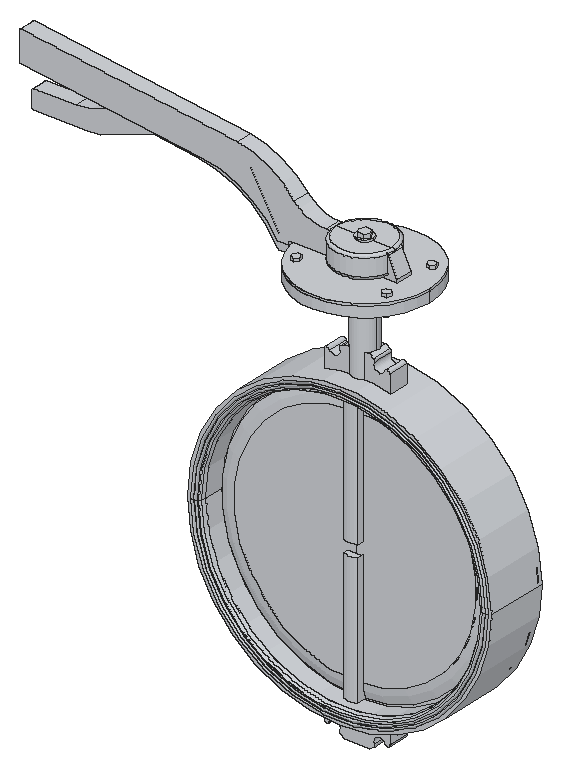
Revit family "R59WX020", category Plumbing Fixtures, Revit 2015
Reference planes
  plane 1 "Center (Front/Back)": y = 0
  plane 2: z = 0
  plane 3 "Center (Left/Right)": x = 0
  plane 4: z = 237
  plane 5: x = -326
  plane 6: z = 336
  plane 7: z = -160
  plane 8: z = -30
  plane 9: z = 267
  plane 10: y = -30.238
  plane 11: y = 29.762
  plane 12: x = -28.994
Forms (mm)
  Extrusion 1, solid
    sketch origin (0, 0, 227) x (1, 0, 0) y (0, 1, 0)
      loop
        circle (0, 0) r 62.5
    from 0 to 10
  Extrusion 2, solid
    sketch origin (0, 0, -76.95) x (1, 0, 0) y (0, 1, 0)
      loop
        circle (0, 0) r 12
    from 215.951 to 303.95
  Revolve 3, solid
    sketch origin (0, 0, 0) x (0, 1, 0) y (0, 0, 1)
      loop
        line (11.11, 0) -> (-11.11, 0) -> (-11.11, -116.888)
        arc (-11.11, -116.888) -> (-10.278, -124.049) -> (-8, -130.888) r 35.103
        line (-8, -130.888) -> (-6, -130.888) -> (-6, -133.888) -> (0, -133.888) -> (6, -133.888) -> (6, -130.888) -> (8, -130.888)
        arc (8, -130.888) -> (10.278, -124.049) -> (11.11, -116.888) r 35.103
        line (11.11, -116.888) -> (11.11, 0)
      axis (11.11, 0) -> (-11.11, 0)
    angle from 0 to 360
  Blend 4, solid
    base sketch origin (0, 0, -4.163) x (1, 0, 0) y (0, 1, 0)
      loop
        line (-6.883, 16.4) -> (-6.883, -16.4)
        arc (-6.883, -16.4) -> (0, -18.078) -> (6.883, -16.4) r 14.953
        line (6.883, -16.4) -> (6.883, 16.4)
        arc (6.883, 16.4) -> (0, 18.078) -> (-6.883, 16.4) r 14.953
    top sketch origin (0, 0, 0) x (1, 0, 0) y (0, 1, 0)
      loop
        line (-6.883, 16.4) -> (-6.883, -16.4)
        arc (-6.883, -16.4) -> (0, -18.078) -> (6.883, -16.4) r 14.953
        line (6.883, -16.4) -> (6.883, 16.4)
        arc (6.883, 16.4) -> (0, 18.078) -> (-6.883, 16.4) r 14.953
    from 10.163 to 130.344
  Blend 5, solid
    base sketch origin (0, 0, -38.601) x (0, -1, 0) y (1, 0, 0)
      loop
        line (-16.4, -6.883) -> (16.4, -6.883)
        arc (16.4, -6.883) -> (18.078, 0) -> (16.4, 6.883) r 14.953
        line (16.4, 6.883) -> (-16.4, 6.883)
        arc (-16.4, 6.883) -> (-18.078, 0) -> (-16.4, -6.883) r 14.953
    top sketch origin (0, 0, -35.117) x (0, -1, 0) y (1, 0, 0)
      loop
        line (-16.4, -6.883) -> (16.4, -6.883)
        arc (16.4, -6.883) -> (18.078, 0) -> (16.4, 6.883) r 14.953
        line (16.4, 6.883) -> (-16.4, 6.883)
        arc (-16.4, 6.883) -> (-18.078, 0) -> (-16.4, -6.883) r 14.953
    from -92.335 to 29.117
  Extrusion 6, solid
    sketch origin (80.376, -27.447, 239) x (0, -1, 0) y (1, 0, 0)
      loop
        line (3.99, -123.113) -> (0.805, -120.344) -> (-3.184, -121.718) -> (-3.99, -125.86) -> (-0.805, -128.628) -> (3.184, -127.254) -> (3.99, -123.113)
    from 0 to 3
  Extrusion 7, solid
    sketch origin (80.376, -27.447, 219) x (0, -1, 0) y (1, 0, 0)
      loop
        circle (0, -124.486) r 3
    from 2.505 to 20
  Extrusion 8, solid
    sketch origin (80.376, -27.447, 226) x (0, -1, 0) y (1, 0, 0)
      loop
        line (3.99, -123.113) -> (0.805, -120.344) -> (-3.184, -121.718) -> (-3.99, -125.86) -> (-0.805, -128.628) -> (3.184, -127.254) -> (3.99, -123.113)
      loop
        line (-3.444, -125.672) -> (-0.695, -128.061) -> (2.749, -126.876) -> (3.444, -123.301) -> (0.695, -120.911) -> (-2.749, -122.097) -> (-3.444, -125.672)
    from -1.968 to 1
  Extrusion 9, solid, not visible
    sketch origin (26.117, -96.518, 104.233) x (0, -1, 0) y (1, 0, 0)
      loop
        line (3.99, -123.113) -> (0.805, -120.344) -> (-3.184, -121.718) -> (-3.99, -125.86) -> (-0.805, -128.628) -> (3.184, -127.254) -> (3.99, -123.113)
    from 0 to 3
  Extrusion 10, solid, not visible
    sketch origin (26.117, -96.518, 84.233) x (0, -1, 0) y (1, 0, 0)
      loop
        circle (0, -124.486) r 3
    from 2.505 to 20
  Extrusion 11, solid, not visible
    sketch origin (26.117, -96.518, 91.233) x (0, -1, 0) y (1, 0, 0)
      loop
        line (3.99, -123.113) -> (0.805, -120.344) -> (-3.184, -121.718) -> (-3.99, -125.86) -> (-0.805, -128.628) -> (3.184, -127.254) -> (3.99, -123.113)
      loop
        line (-3.444, -125.672) -> (-0.695, -128.061) -> (2.749, -126.876) -> (3.444, -123.301) -> (0.695, -120.911) -> (-2.749, -122.097) -> (-3.444, -125.672)
    from -1.968 to 1
  Extrusion 12, solid
    sketch origin (0, 0, 237) x (1, 0, 0) y (0, 1, 0)
      loop
        circle (0, 0) r 62.5
    from 0 to 2
  Extrusion 13, solid
    sketch origin (80.376, -27.447, 239) x (0, -1, 0) y (1, 0, 0)
      loop
        line (-58.884, -123.113) -> (-58.079, -127.254) -> (-54.09, -128.628) -> (-50.905, -125.86) -> (-51.71, -121.718) -> (-55.7, -120.344) -> (-58.884, -123.113)
    from 0 to 3
  Extrusion 14, solid
    sketch origin (80.376, -27.447, 219) x (0, -1, 0) y (1, 0, 0)
      loop
        circle (-54.895, -124.486) r 3
    from 2.505 to 20
  Extrusion 15, solid
    sketch origin (80.376, -27.447, 226) x (0, -1, 0) y (1, 0, 0)
      loop
        line (-58.884, -123.113) -> (-58.079, -127.254) -> (-54.09, -128.628) -> (-50.905, -125.86) -> (-51.71, -121.718) -> (-55.7, -120.344) -> (-58.884, -123.113)
      loop
        line (-51.451, -125.672) -> (-52.146, -122.097) -> (-55.59, -120.911) -> (-58.339, -123.301) -> (-57.644, -126.876) -> (-54.2, -128.061) -> (-51.451, -125.672)
    from -1.968 to 1
  Extrusion 16, solid
    sketch origin (-81.626, 27.447, 239) x (0, 1, 0) y (-1, 0, 0)
      loop
        line (-58.884, -123.113) -> (-58.079, -127.254) -> (-54.09, -128.628) -> (-50.905, -125.86) -> (-51.71, -121.718) -> (-55.7, -120.344) -> (-58.884, -123.113)
    from 0 to 3
  Extrusion 17, solid
    sketch origin (-81.626, 27.447, 219) x (0, 1, 0) y (-1, 0, 0)
      loop
        circle (-54.895, -124.486) r 3
    from 2.505 to 20
  Extrusion 18, solid
    sketch origin (-81.626, 27.447, 226) x (0, 1, 0) y (-1, 0, 0)
      loop
        line (-58.884, -123.113) -> (-58.079, -127.254) -> (-54.09, -128.628) -> (-50.905, -125.86) -> (-51.71, -121.718) -> (-55.7, -120.344) -> (-58.884, -123.113)
      loop
        line (-51.451, -125.672) -> (-52.146, -122.097) -> (-55.59, -120.911) -> (-58.339, -123.301) -> (-57.644, -126.876) -> (-54.2, -128.061) -> (-51.451, -125.672)
    from -1.968 to 1
  Extrusion 19, solid
    sketch origin (-81.626, 27.447, 239) x (0, 1, 0) y (-1, 0, 0)
      loop
        line (3.99, -123.113) -> (0.805, -120.344) -> (-3.184, -121.718) -> (-3.99, -125.86) -> (-0.805, -128.628) -> (3.184, -127.254) -> (3.99, -123.113)
    from 0 to 3
  Extrusion 20, solid
    sketch origin (-81.626, 27.447, 219) x (0, 1, 0) y (-1, 0, 0)
      loop
        circle (0, -124.486) r 3
    from 2.505 to 20
  Extrusion 21, solid
    sketch origin (-81.626, 27.447, 226) x (0, 1, 0) y (-1, 0, 0)
      loop
        line (3.99, -123.113) -> (0.805, -120.344) -> (-3.184, -121.718) -> (-3.99, -125.86) -> (-0.805, -128.628) -> (3.184, -127.254) -> (3.99, -123.113)
      loop
        line (-3.444, -125.672) -> (-0.695, -128.061) -> (2.749, -126.876) -> (3.444, -123.301) -> (0.695, -120.911) -> (-2.749, -122.097) -> (-3.444, -125.672)
    from -1.968 to 1
  Extrusion 22, solid
    sketch origin (125.063, -27.447, 264.144) x (0, -1, 0) y (1, 0, 0)
      loop
        line (-32.638, -122.069) -> (-32.638, -128.062) -> (-27.447, -131.059) -> (-22.257, -128.062) -> (-22.257, -122.069) -> (-27.447, -119.072) -> (-32.638, -122.069)
    from -1.014 to 2.856
  Extrusion 23, solid
    sketch origin (124.477, -54.895, 259.2) x (0, -1, 0) y (1, 0, 0)
      loop
        circle (-54.895, -124.486) r 8
    from -22.2 to 3.931
  Sweep 24, solid
    path origin (0, 0, 0) x (1, 0, 0) y (0, 0, 1)
      loop
        circle (0, 0) r 147
    profile origin (0, 0, -147) x (0, 0, 1) y (0, -1, 0)
      loop
        line (0.625, 30.238) -> (0.625, -29.762) -> (3.952, -29.762)
        arc (3.952, -29.762) -> (4.966, -30.776) -> (5.98, -29.762) r 1.014
        line (5.98, -29.762) -> (7.253, -29.762)
        arc (7.253, -29.762) -> (8.267, -30.776) -> (9.28, -29.762) r 1.014
        line (9.28, -29.762) -> (10.888, -29.762) -> (12.517, -27.42) -> (13.454, -23.923) -> (13.454, 24.399) -> (12.517, 27.896) -> (10.888, 30.238) -> (9.28, 30.238)
        arc (9.28, 30.238) -> (8.267, 31.252) -> (7.253, 30.238) r 1.014
        line (7.253, 30.238) -> (5.98, 30.238)
        arc (5.98, 30.238) -> (4.966, 31.252) -> (3.952, 30.238) r 1.014
        line (3.952, 30.238) -> (0.625, 30.238)
  Revolve 25, solid
    sketch origin (0, 0, 97) x (1, 0, 0) y (0, 0, 1)
      loop
        line (-26.486, 143.746) -> (0, 143.746) -> (0, 165) -> (-26.486, 165)
        arc (-26.486, 165) -> (-28.259, 164.265) -> (-28.994, 162.492) r 2.508
        line (-28.994, 162.492) -> (-28.994, 146.254)
        arc (-28.994, 146.254) -> (-28.259, 144.481) -> (-26.486, 143.746) r 2.508
      axis (0, 143.746) -> (0, 165)
    angle from 0 to 360
  Extrusion 26, solid
    sketch origin (17.613, 45.948, -44.556) x (1, 0, 0) y (0, 0, 1)
      loop
        arc (-48.783, 305.574) -> (-65.384, 309.172) -> (-79.007, 319.319) r 40.102
        arc (-79.007, 319.319) -> (-103.619, 339.76) -> (-133.424, 351.389) r 100.074
        line (-133.424, 351.389) -> (-342.314, 375.573)
        arc (-342.314, 375.573) -> (-342.789, 375.423) -> (-342.992, 374.969) r 0.608
        line (-342.992, 374.969) -> (-342.992, 345.76) -> (-167.596, 325.454)
        arc (-167.596, 325.454) -> (-125.893, 310.838) -> (-94.664, 279.573) r 99.286
        line (-94.664, 279.573) -> (-84.664, 279.573) -> (-84.664, 282.573) -> (19.968, 282.573) -> (19.968, 285.573) -> (11.917, 303.989)
        arc (11.917, 303.989) -> (10.932, 305.149) -> (9.47, 305.574) r 2.646
        line (9.47, 305.574) -> (-48.783, 305.574)
    from 37.966 to 54.11
  Extrusion 27, solid
    sketch origin (-95.17, 45.948, -99.07) x (1, 0, 0) y (0, 0, 1)
      loop
        line (-177.106, 382.301) -> (-217.214, 382.301)
        arc (-217.214, 382.301) -> (-218.486, 381.806) -> (-219.141, 380.609) r 1.995
        line (-219.141, 380.609) -> (-219.141, 365.458)
        arc (-219.141, 365.458) -> (-218.486, 364.261) -> (-217.214, 363.766) r 1.995
        line (-217.214, 363.766) -> (-165.969, 363.766)
        arc (-165.969, 363.766) -> (-159.476, 364.161) -> (-153.041, 365.112) r 75.785
        line (-153.041, 365.112) -> (-102.034, 383.677) -> (-60.442, 378.862)
        arc (-60.442, 378.862) -> (-16.505, 362.956) -> (15.663, 329.062) r 101.578
        arc (15.663, 329.062) -> (17.206, 327.09) -> (19.597, 326.344) r 4.207
        line (19.597, 326.344) -> (28.119, 326.344) -> (28.119, 337.087) -> (23.361, 337.087)
        arc (23.361, 337.087) -> (21.253, 337.654) -> (19.712, 339.201) r 4.207
        line (19.712, 339.201) -> (-9.321, 389.817)
        arc (-9.321, 389.817) -> (-17.422, 397.083) -> (-27.819, 400.293) r 25.399
        line (-27.819, 400.293) -> (-121.464, 408.132)
        arc (-121.464, 408.132) -> (-146.554, 389.335) -> (-177.106, 382.301) r 75.785
    from 38.356 to 53.486
  Extrusion 28, solid
    sketch origin (-2.192, 0.293, -93.13) x (1, 0, 0) y (0, 0, 1)
      loop
        arc (18.871, -75.538) -> (19.767, -74.256) -> (19.652, -72.705) r 2.274
        arc (19.652, -72.705) -> (22.463, -65.337) -> (29.701, -68.467) r 5.458
        arc (29.701, -68.467) -> (32.458, -70.224) -> (34.596, -67.751) r 2.5
        line (34.596, -67.751) -> (34.596, -48.516)
        arc (34.596, -48.516) -> (2.811, -54.012) -> (-28.974, -48.516) r 94.655
        line (-28.974, -48.516) -> (-28.974, -67.751)
        arc (-28.974, -67.751) -> (-26.836, -70.224) -> (-24.079, -68.467) r 2.5
        arc (-24.079, -68.467) -> (-16.841, -65.337) -> (-14.03, -72.705) r 5.458
        arc (-14.03, -72.705) -> (-14.145, -74.256) -> (-13.249, -75.537) r 2.274
        arc (-13.249, -75.537) -> (-11.147, -76.838) -> (-8.94, -77.953) r 28.535
        line (-8.94, -77.953) -> (14.565, -77.953)
        arc (14.565, -77.953) -> (16.77, -76.839) -> (18.871, -75.538) r 28.535
    from -9.388 to 9.974
  Extrusion 29, solid
    sketch origin (-2.192, 0.293, 91.164) x (1, 0, 0) y (0, 0, 1)
      loop
        arc (18.871, 75.538) -> (16.77, 76.839) -> (14.565, 77.953) r 28.535
        line (14.565, 77.953) -> (-8.94, 77.953)
        arc (-8.94, 77.953) -> (-11.147, 76.838) -> (-13.249, 75.537) r 28.535
        arc (-13.249, 75.537) -> (-14.145, 74.256) -> (-14.03, 72.705) r 2.274
        arc (-14.03, 72.705) -> (-16.841, 65.337) -> (-24.079, 68.467) r 5.458
        arc (-24.079, 68.467) -> (-26.836, 70.224) -> (-28.974, 67.751) r 2.5
        line (-28.974, 67.751) -> (-28.974, 48.516)
        arc (-28.974, 48.516) -> (2.811, 54.012) -> (34.596, 48.516) r 94.655
        line (34.596, 48.516) -> (34.596, 67.751)
        arc (34.596, 67.751) -> (32.458, 70.224) -> (29.701, 68.467) r 2.5
        arc (29.701, 68.467) -> (22.463, 65.337) -> (19.652, 72.705) r 5.458
        arc (19.652, 72.705) -> (19.767, 74.256) -> (18.871, 75.538) r 2.274
    from -9.388 to 9.974
Dimensions and locks
  locked: plane 2 to plane 4 at 237
  plane 3 "Center (Left/Right)" to plane 5 = 326 mm
  locked: level to plane 6 at 336
  plane 7 to level = 160 mm
  locked: plane 4 to plane 9 at 30
  plane 11 to plane 10 = 60 mm
  aligned and locked: level to plane 2
